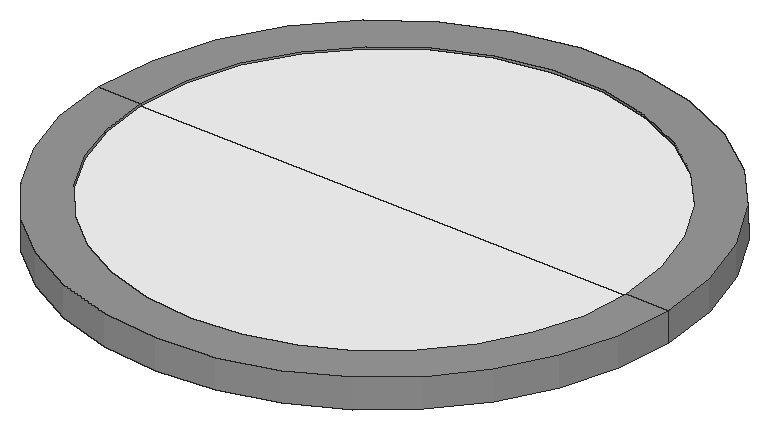
Revit family "0053416", category Lighting Fixtures, host Face, Revit 2017
Family settings
  Host = Face
  Round Connector Dimension = Use Diameter
  Part Type = Normal
  OmniClass Number = 23.80.70.00
  OmniClass Title = Lighting
  Cut with Voids When Loaded = No
  Light Source = Yes
  Shared = No
  Room Calculation Point = No
Parameters (values of type "0053416 SYLFLAT 5IN1 55-250 2500LM CCT LILO - 6500K")
  Weight = "5.76 kg"
  Wattage Comments = ""
  Wattage = 23 W
  WarrantyStartDate [instance] = "n/a"
  WarrantyGuarantorParts = "n/a"
  WarrantyDurationUnit = "n/a"
  WarrantyDurationParts = "n/a"
  WarrantyDescription = "n/a"
  built-in parameter 1150110 = 1 (stored number, unit not read)
  Voltage = 230 V
  URL = "http://www.sylvania-lighting.com"
  TypeName = "SYLFLAT 5IN1 55-250 2500LM CCT LILO - 6500K"
  Type Image = <None>
  Type Comments = "n/a"
  built-in parameter 1114217 = 1 (stored number, unit not read)
  Tilt Angle = -90.00°
  built-in parameter 1150109 = 1 (stored number, unit not read)
  built-in parameter 1150134 = 1
  built-in parameter 1150113 = 1 (stored number, unit not read)
  SerialNumber [instance] = "n/a"
  S_SYL = no
  RingVisible_SYL [instance] = no
  Radius_SYL = if(S_SYL, 82.1 mm, if(M_SYL, 108.4 mm, 145.8 mm))  # 145.8 mm
  RadiusRing_SYL = if(S_SYL, 83.1 mm, if(M_SYL, 109.4 mm, 146.8 mm))  # 146.8 mm
  RadiusRingIn_SYL = if(S_SYL, 59.5 mm, if(M_SYL, 85.8 mm, 123.2 mm))  # 123.2 mm
  Photometric Web File = "0053416-WW.ies"
  Material_3_SYL = Chrome - Polished
  PowerFactor = 0
  PowerConsumption = "23 W"
  NominalLength = 290 mm
  NominalHeight = 35 mm
  NominalDepth = 290 mm
  Name = "SYLFLAT 5IN1 55-250 2500LM CCT LILO - 6500K"
  ModelReference = Name  # "SYLFLAT 5IN1 55-250 2500LM CCT LILO - 6500K"
  ModelNumber = "0053416"
  Model = Name  # "SYLFLAT 5IN1 55-250 2500LM CCT LILO - 6500K"
  Material = "pc polycarbonate housing"
  ManufacturerName = "Feilo Sylvania"
  Manufacturer = "Feilo Sylvania"
  M_SYL = no
  LuminousEfficacy = "109 lm/W"
  LuminousAreaRad_SYL = if(S_SYL, 60.8 mm, if(M_SYL, 87 mm, 124.4 mm))  # 124.4 mm
  built-in parameter 1150105 = 199.5 (stored number, unit not read)
  Lumens = 2507 lm
  LuminaireType = ""
  built-in parameter 1150115 = 1 (stored number, unit not read)
  LightOutputRatio = "n/a"
  built-in parameter 1150137 = (empty or 0)
  built-in parameter 1150139 = (empty or 0)
  LampsType = Lamp  # "LED"
  LampNominalLuminous = "2500 lm"
  LampMacAdamStep = "n/a"
  LampColourTemperature = "6500 K"
  LampColourRenderingIndex = "80"
  built-in parameter 1150112 = 1 (stored number, unit not read)
  built-in parameter 1150114 = 1 (stored number, unit not read)
  Lamp = "LED"
  Keynote = "16500"
  InstallationDate [instance] = "n/a"
  InputVoltage = "220-240 V AC"
  InputNominalFrequency = "50/60 Hz"
  built-in parameter 1150132 = (empty or 0)
  built-in parameter 1150102 = (empty or 0)
  built-in parameter 1150107 = 6500 (stored number, unit not read)
  built-in parameter 1150138 = (empty or 0)
  IngressProtection = "IP20"
  ImpactProtectionIndex = "IK03"
  built-in parameter 1150106 = 1.995 (stored number, unit not read)
  IfcExportType = "IfcLightFixtureType"
  IfcExportAs = "IfcLightFixtureType"
  Emit from Circle Diameter = LuminousAreaRad_SYL * 2  # 248.8 mm
  Emit Shape Visible in Rendering = no
  ElectricShockClassification = "Class II"
  built-in parameter 1150104 = 10.126 (stored number, unit not read)
  DocumentationLiterature = "http://www.sylvania-lighting.com/product/en-int/products/0053416"
  DimmingControlOptions = "n/a"
  Material_2_SYL = LED
  Dimming Lamp Color Temperature Shift = <None>
  Description = ""
  Default Elevation = 1219.2 mm
  CreatedOn = "8/26/2019"
  CreatedBy = "@sylvania-lighting.com"
  Cost = 0
  Color Filter = 16777215
  built-in parameter 1114216 [instance] = (empty or 0)
  ClassificationValue = "EF_70_80"
  ClassificationName = "Uniclass2015"
  Material_1_SYL = PC/ABS Plastic
  BarCode [instance] = "n/a"
  built-in parameter 1114218 = 1 (stored number, unit not read)
  built-in parameter 1150133 = 10 (stored number, unit not read)
  AssetType = "Fixed"
  AssetIdentifier [instance] = "n/a"
  Assembly Code = "D5020200"
  Apparent Load = 23 VA
  Material_4_SYL = Plastic, Opaque Black
Types (3, lengths in mm): name | TypeName | built-in parameter 1150134 | Photometric Web File | Name | ModelReference | Model | LampColourTemperature | built-in parameter 1150107
  0053416 SYLFLAT 5IN1 55-250 2500LM CCT LILO - 6500K | "SYLFLAT 5IN1 55-250 2500LM CCT LILO - 6500K" | 1 | "0053416-WW.ies" | "SYLFLAT 5IN1 55-250 2500LM CCT LILO - 6500K" | "SYLFLAT 5IN1 55-250 2500LM CCT LILO - 6500K" | "SYLFLAT 5IN1 55-250 2500LM CCT LILO - 6500K" | "6500 K" | 6500 (stored number, unit not read)
  0053416 SYLFLAT 5IN1 55-250 2500LM CCT LILO - 4000K | "SYLFLAT 5IN1 55-250 2500LM CCT LILO - 4000K" | 12 | "0053416-NW.ies" | "SYLFLAT 5IN1 55-250 2500LM CCT LILO - 4000K" | "SYLFLAT 5IN1 55-250 2500LM CCT LILO - 4000K" | "SYLFLAT 5IN1 55-250 2500LM CCT LILO - 4000K" | "4000 K" | 4000 (stored number, unit not read)
  0053416 SYLFLAT 5IN1 55-250 2500LM CCT LILO - 3000K | "SYLFLAT 5IN1 55-250 2500LM CCT LILO - 3000K" | (empty or 0) | "0053416-CW.ies" | "SYLFLAT 5IN1 55-250 2500LM CCT LILO - 3000K" | "SYLFLAT 5IN1 55-250 2500LM CCT LILO - 3000K" | "SYLFLAT 5IN1 55-250 2500LM CCT LILO - 3000K" | "3000 K" | 3000 (stored number, unit not read)
Reference planes
  plane 1 "Center (Front/Back)": y = 0
  plane 2: z = 0
  plane 3 "Center (Left/Right)": x = 0
  plane 4: x = -145.8
  plane 5: z = 15
  plane 6: x = -124.4
  plane 7: z = 14
  plane 8: x = -146.8
  plane 9: z = 16
  plane 10: x = -123.2
Forms (mm)
  Revolve 1, solid, material "PC/ABS Plastic" <- "Material_1_SYL"
    sketch origin (0, 0, 0) x (1, 0, 0) y (0, 0, 1)
      loop
        line (0, 14) -> (-124.4, 14) -> (-124.4, 15) -> (-145.8, 15) -> (-145.8, 0) -> (0, 0) -> (0, 14)
      axis (0, 15) -> (0, 0)
    angle from 360 to 0
  Revolve 2, solid, material "Chrome - Polished" <- "Material_3_SYL", visible <- "RingVisible_SYL"
    sketch origin (0, 0, 0) x (1, 0, 0) y (0, 0, 1)
      loop
        line (-146.8, 0) -> (-145.8, 0) -> (-145.8, 15) -> (-123.2, 15) -> (-123.2, 16) -> (-146.8, 16) -> (-146.8, 0)
      axis (0, 16) -> (0, 0)
    angle from 360 to 0
Dimensions and locks
  locked: plane 5 to level at 15
  "Radius_SYL": plane 3 "Center (Left/Right)" to plane 4
  "LuminousAreaRad_SYL": plane 3 "Center (Left/Right)" to plane 6
  locked: plane 5 to plane 7 at 1
  locked: plane 9 to level at 16
  "RadiusRing_SYL": plane 3 "Center (Left/Right)" to plane 8
  "RadiusRingIn_SYL": plane 3 "Center (Left/Right)" to plane 10
  aligned and locked: plane 2 to host face
  aligned and locked: level to host face
  aligned and locked: Revolve 1 sketch curve to plane 3 "Center (Left/Right)"
  aligned and locked: plane 3 "Center (Left/Right)" to Revolve 1 sketch curve
  aligned and locked: Revolve 1 sketch curve to plane 7
  aligned and locked: Revolve 1 sketch curve to plane 6
  aligned and locked: Revolve 1 sketch curve to plane 5
  aligned and locked: Revolve 1 sketch curve to plane 4
  aligned and locked: Revolve 1 sketch curve to level
  aligned and locked: imposter light to Revolve 1 sketch curve
  aligned and locked: imposter light to plane 7
  aligned and locked: plane 3 "Center (Left/Right)" to imposter light
  aligned and locked: imposter light to plane 1 "Center (Front/Back)"
  aligned and locked: Revolve 2 sketch curve to plane 3 "Center (Left/Right)"
  aligned and locked: level to Revolve 2 sketch curve
  aligned and locked: plane 8 to Revolve 2 sketch curve
  aligned and locked: plane 9 to Revolve 2 sketch curve
  aligned and locked: Revolve 2 sketch curve to plane 10
  aligned and locked: Revolve 2 sketch curve to plane 5
  aligned and locked: Revolve 2 sketch curve to Revolve 1
  aligned and locked: Revolve 1 to Revolve 2 sketch curve
Automatic sketch dimensions
  host sketch curve to host sketch curve = 400 mm  (x2)
  Revolve 1 sketch curve to level = 609.6 mm
  Revolve 1 sketch curve to plane 5 = 2594.058 mm
  Revolve 2 sketch curve to level = 609.6 mm
  Revolve 2 sketch curve to plane 9 = 2593.058 mm
Connectors
  electrical at (0, 0, 0), driven by "Apparent Load", driven by "PowerFactor", driven by "Voltage"
    settings: index 1, voltage 230 V, apparent load 23 VA, apparent load phase1 0 VA, apparent load phase2 0 VA, apparent load phase3 0 VA, power factor 0, load classification "Lighting", number of poles 1, system type 30, power factor state 1, is connector primary yes, connector utility no, sub classification motor no, connector description ""
